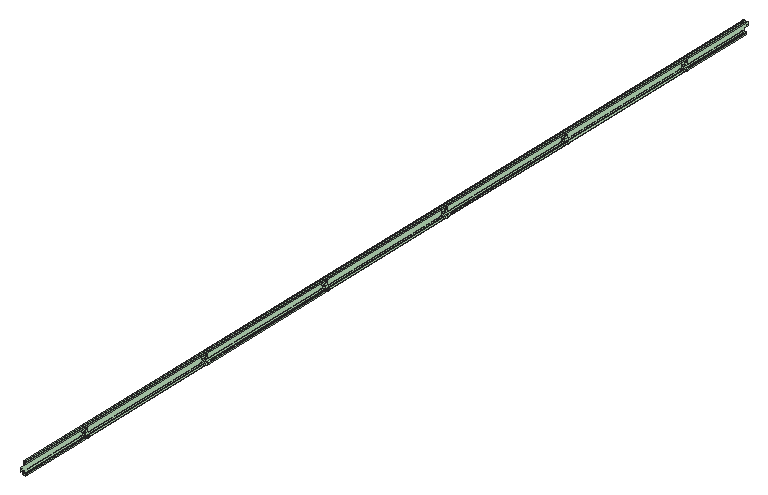
Revit family "ey4815_main_600", category 機械設備, Revit 2022
Family settings
  丸型コネクタ寸法 = 直径を使用
  種別 = なし
  パーツ タイプ = 標準
  作業面ベース = いいえ
  常に垂直 = はい
  ロード時にボイドで切り取り = いいえ
  注釈の向きを維持 = いいえ
  共有 = いいえ
  部屋計算ポイント = いいえ
Parameters
  製造元 = "株式会社桐井製作所"
  既定の高さ = 0 mm
  URL = "https://www.kirii.co.jp/"
  K_長さ(mm) = 3600 mm
  K_材質 = "溶融亜鉛めっき鋼板及び鋼帯SGCC 一般用　カラー鋼板"
  K_品名 = "eYバー4815メイン(600グリッド用)"
  K_名称 = "Yバー"
  K_入数 = "20"
  K_バージョン情報 = "20220411"
  K_めっき付着量 = "JIS G 3302 Z12、カラー鋼板　塗装膜厚20μ(白色)"
  K_JIS規格 = "JIS G 3302"
Reference planes
  plane 1 "中心(正面/背面)": y = 0
  plane 2: z = 0
  plane 3 "中心(左/右)": x = 0
  plane 4: y = 3600
Forms (mm)
  Extrusion 1, solid
    sketch origin (0, 0, 7.1) x (-1, 0, 0) y (0, 0, 1)
      loop
        arc (6.336, -7.1) -> (7.064, -6.785) -> (7.334, -6.038) r 1
        line (7.334, -6.038) -> (6.959, -0.038)
        arc (6.959, -0.038) -> (6.645, 0.629) -> (5.961, 0.9) r 1
        line (5.961, 0.9) -> (0.4, 0.9) -> (0.4, 31)
        arc (0.4, 31) -> (0.715, 31.465) -> (1.263, 31.343) r 0.5
        arc (1.263, 31.343) -> (1.627, 31.018) -> (2.1, 30.9) r 1.011
        arc (2.1, 30.9) -> (2.736, 31.164) -> (3, 31.8) r 0.9
        line (3, 31.8) -> (3, 39.9)
        arc (3, 39.9) -> (2.473, 40.781) -> (1.448, 40.734) r 1
        line (1.448, 40.734) -> (0, 39.782) -> (-1.448, 40.734)
        arc (-1.448, 40.734) -> (-2.473, 40.781) -> (-3, 39.9) r 1
        line (-3, 39.9) -> (-3, 31.8)
        arc (-3, 31.8) -> (-2.736, 31.164) -> (-2.1, 30.9) r 0.9
        arc (-2.1, 30.9) -> (-1.627, 31.018) -> (-1.263, 31.343) r 1.011
        arc (-1.263, 31.343) -> (-0.715, 31.465) -> (-0.4, 31) r 0.5
        line (-0.4, 31) -> (-0.4, 0.9) -> (-5.961, 0.9)
        arc (-5.961, 0.9) -> (-6.645, 0.629) -> (-6.959, -0.036) r 1
        line (-6.959, -0.036) -> (-7.334, -6.039)
        arc (-7.334, -6.039) -> (-7.064, -6.785) -> (-6.336, -7.1) r 1
        line (-6.336, -7.1) -> (-3.65, -7.1)
        arc (-3.65, -7.1) -> (-3.4, -6.85) -> (-3.65, -6.6) r 0.25
        line (-3.65, -6.6) -> (-6.336, -6.6)
        arc (-6.336, -6.6) -> (-6.7, -6.442) -> (-6.835, -6.069) r 0.5
        line (-6.835, -6.069) -> (-6.46, -0.069)
        arc (-6.46, -0.069) -> (-6.2, 0.339) -> (-5.718, 0.337) r 0.5
        arc (-5.718, 0.337) -> (-5.317, 0.087) -> (-4.852, 0) r 1.28
        line (-4.852, 0) -> (4.852, 0)
        arc (4.852, 0) -> (5.317, 0.087) -> (5.718, 0.337) r 1.28
        arc (5.718, 0.337) -> (6.2, 0.339) -> (6.46, -0.069) r 0.5
        line (6.46, -0.069) -> (6.835, -6.069)
        arc (6.835, -6.069) -> (6.7, -6.442) -> (6.336, -6.6) r 0.5
        line (6.336, -6.6) -> (3.65, -6.6)
        arc (3.65, -6.6) -> (3.4, -6.85) -> (3.65, -7.1) r 0.25
        line (3.65, -7.1) -> (6.336, -7.1)
      loop
        arc (-1.668, 40.4) -> (-2.283, 40.429) -> (-2.6, 39.9) r 0.6
        line (-2.6, 39.9) -> (-2.6, 31.8)
        arc (-2.6, 31.8) -> (-2.302, 31.342) -> (-1.763, 31.431) r 0.5
        line (-1.763, 31.431) -> (-1.063, 31.885)
        arc (-1.063, 31.885) -> (-0.324, 31.692) -> (0, 31) r 0.9
        arc (0, 31) -> (0.324, 31.692) -> (1.063, 31.885) r 0.9
        line (1.063, 31.885) -> (1.763, 31.431)
        arc (1.763, 31.431) -> (2.302, 31.342) -> (2.6, 31.8) r 0.5
        line (2.6, 31.8) -> (2.6, 39.9)
        arc (2.6, 39.9) -> (2.283, 40.429) -> (1.668, 40.4) r 0.6
        line (1.668, 40.4) -> (0.549, 39.664)
        arc (0.549, 39.664) -> (0, 39.5) -> (-0.549, 39.664) r 1
        line (-0.549, 39.664) -> (-1.668, 40.4)
    from 0 to 3600
  Extrusion 2, solid
    sketch origin (0.4, 0, 38.1) x (0, 0, -1) y (0, 1, 0)
      loop
        line (3.661, 0) -> (3.661, -19.4)
        arc (3.661, -19.4) -> (3.954, -20.107) -> (4.661, -20.4) r 1
        line (4.661, -20.4) -> (16.783, -20.4)
        arc (16.783, -20.4) -> (17.49, -20.107) -> (17.783, -19.4) r 1
        line (17.783, -19.4) -> (17.783, 0) -> (17.783, 21.201) -> (3.661, 21.201) -> (3.661, 0)
    from -0.8 to 0
  Extrusion 3, void
    sketch origin (0.4, 0, 38.1) x (0, 0, 1) y (0, 1, 0)
      loop
        line (-5.5, 284.4) -> (-5.5, 315.6) -> (-23.1, 315.6) -> (-23.1, 284.4) -> (-5.5, 284.4)
    from 0 to 0.8
  Extrusion 4, void
    sketch origin (0.4, 600, 38.1) x (0, 0, 1) y (0, 1, 0)
      loop
        line (-5.5, 284.4) -> (-5.5, 315.6) -> (-23.1, 315.6) -> (-23.1, 284.4) -> (-5.5, 284.4)
    from 0 to 0.8
  Extrusion 5, void
    sketch origin (0.4, 1200, 38.1) x (0, 0, 1) y (0, 1, 0)
      loop
        line (-5.5, 284.4) -> (-5.5, 315.6) -> (-23.1, 315.6) -> (-23.1, 284.4) -> (-5.5, 284.4)
    from 0 to 0.8
  Extrusion 6, void
    sketch origin (0.4, 1800, 38.1) x (0, 0, 1) y (0, 1, 0)
      loop
        line (-5.5, 284.4) -> (-5.5, 315.6) -> (-23.1, 315.6) -> (-23.1, 284.4) -> (-5.5, 284.4)
    from 0 to 0.8
  Extrusion 7, void
    sketch origin (0.4, 2400, 38.1) x (0, 0, 1) y (0, 1, 0)
      loop
        line (-5.5, 284.4) -> (-5.5, 315.6) -> (-23.1, 315.6) -> (-23.1, 284.4) -> (-5.5, 284.4)
    from 0 to 0.8
  Extrusion 8, void
    sketch origin (0.4, 3000, 38.1) x (0, 0, 1) y (0, 1, 0)
      loop
        line (-5.5, 284.4) -> (-5.5, 315.6) -> (-23.1, 315.6) -> (-23.1, 284.4) -> (-5.5, 284.4)
    from 0 to 0.8
  Extrusion 9, void
    sketch origin (0, 2.538, 0) x (1, 0, 0) y (0, 1, 0)
      loop
        line (8.021, 290.095) -> (8.021, 304.829) -> (3.318, 301.285) -> (3.318, 293.639) -> (8.021, 290.095)
    from 0 to 10
  Extrusion 10, void
    sketch origin (0, 2.538, 0) x (-1, 0, 0) y (0, -1, 0)
      loop
        line (8.021, -290.095) -> (3.318, -293.639) -> (3.318, -301.285) -> (8.021, -304.829) -> (8.021, -290.095)
    from 0 to 10
  Extrusion 11, void
    sketch origin (0, 1203.014, 0) x (1, 0, 0) y (0, 1, 0)
      loop
        line (8.021, 290.095) -> (8.021, 304.829) -> (3.318, 301.285) -> (3.318, 293.639) -> (8.021, 290.095)
    from 0 to 10
  Extrusion 12, void
    sketch origin (0, 2412.517, 0) x (-1, 0, 0) y (0, -1, 0)
      loop
        line (8.021, 1505.493) -> (8.021, 1520.226) -> (3.318, 1516.682) -> (3.318, 1509.037) -> (8.021, 1505.493)
    from 0 to 10
  Extrusion 13, void
    sketch origin (0, 3613.334, 0) x (-1, 0, 0) y (0, -1, 0)
      loop
        line (8.021, 1505.493) -> (8.021, 1520.226) -> (3.318, 1516.682) -> (3.318, 1509.037) -> (8.021, 1505.493)
    from 0 to 10
  Extrusion 14, void
    sketch origin (0, 4212.845, 0) x (-1, 0, 0) y (0, -1, 0)
      loop
        line (8.021, 1505.493) -> (8.021, 1520.226) -> (3.318, 1516.682) -> (3.318, 1509.037) -> (8.021, 1505.493)
    from 0 to 10
  Extrusion 15, void
    sketch origin (0, 4812.398, 0) x (-1, 0, 0) y (0, -1, 0)
      loop
        line (8.021, 1505.493) -> (8.021, 1520.226) -> (3.318, 1516.682) -> (3.318, 1509.037) -> (8.021, 1505.493)
    from 0 to 10
  Extrusion 16, void
    sketch origin (0, 602.195, 0) x (1, 0, 0) y (0, 1, 0)
      loop
        line (8.021, 290.095) -> (8.021, 304.829) -> (3.318, 301.285) -> (3.318, 293.639) -> (8.021, 290.095)
    from 0 to 10
  Extrusion 17, void
    sketch origin (0, 1803.012, 0) x (1, 0, 0) y (0, 1, 0)
      loop
        line (8.021, 290.095) -> (8.021, 304.829) -> (3.318, 301.285) -> (3.318, 293.639) -> (8.021, 290.095)
    from 0 to 10
  Extrusion 18, void
    sketch origin (0, 2402.523, 0) x (1, 0, 0) y (0, 1, 0)
      loop
        line (8.021, 290.095) -> (8.021, 304.829) -> (3.318, 301.285) -> (3.318, 293.639) -> (8.021, 290.095)
    from 0 to 10
  Extrusion 19, void
    sketch origin (0, 3002.077, 0) x (1, 0, 0) y (0, 1, 0)
      loop
        line (8.021, 290.095) -> (8.021, 304.829) -> (3.318, 301.285) -> (3.318, 293.639) -> (8.021, 290.095)
    from 0 to 10
  Extrusion 20, void
    sketch origin (0, 3013.335, 0) x (-1, 0, 0) y (0, -1, 0)
      loop
        line (8.021, 1505.493) -> (8.021, 1520.226) -> (3.318, 1516.682) -> (3.318, 1509.037) -> (8.021, 1505.493)
    from 0 to 10
  Extrusion 21, void
    sketch origin (0, 0, 0) x (0, 1, 0) y (0, 0, 1)
      loop
        line (-9.2, 28.314) -> (-16.4, 28.314) -> (-16.4, 23.514) -> (-9.2, 23.514) -> (-9.2, 28.314)
    from -0.4 to 0.4
  Extrusion 22, solid
    sketch origin (0.4, 3600, 38.1) x (0, 0, -1) y (0, 1, 0)
      loop
        line (3.661, 0) -> (3.661, -21.201) -> (17.783, -21.201) -> (17.783, 0) -> (17.783, 19.4)
        arc (17.783, 19.4) -> (17.49, 20.107) -> (16.783, 20.4) r 1
        line (16.783, 20.4) -> (4.661, 20.4)
        arc (4.661, 20.4) -> (3.954, 20.107) -> (3.661, 19.4) r 1
        line (3.661, 19.4) -> (3.661, 0)
    from -0.8 to 0
  Extrusion 23, void
    sketch origin (0, 3600, 0) x (0, -1, 0) y (0, 0, -1)
      loop
        line (-9.2, -28.314) -> (-9.2, -23.514) -> (-16.4, -23.514) -> (-16.4, -28.314) -> (-9.2, -28.314)
    from -0.4 to 0.4
  Extrusion 24, void
    sketch origin (0.4, 3018.192, 38.412) x (0, 0, 1) y (0, 1, 0)
      loop
        line (-19.9, 284.4) -> (-8.7, 284.4)
        arc (-8.7, 284.4) -> (-14.3, 287.9) -> (-19.9, 284.4) r 6.23
      loop
        line (-8.7, 297.4) -> (-19.9, 297.4)
        arc (-19.9, 297.4) -> (-14.3, 293.9) -> (-8.7, 297.4) r 6.23
    from 1.2 to 3.447
  Extrusion 25, solid
    sketch origin (0.081, 3018.2, -0.26) x (1, 0, 0) y (0, 0, 1)
      loop
        line (-0.387, 33.66) -> (-2.087, 33.66) -> (-2.087, 26.56)
        arc (-2.087, 26.56) -> (-3.087, 24.26) -> (-2.088, 21.96) r 3.145
        line (-2.088, 21.96) -> (-2.087, 14.46) -> (-0.387, 14.46) -> (-0.387, 15.26) -> (-1.487, 15.26) -> (-1.487, 22.238)
        arc (-1.487, 22.238) -> (-2.487, 24.267) -> (-1.476, 26.291) r 2.545
        line (-1.476, 26.291) -> (-1.476, 32.86) -> (-0.387, 32.86) -> (-0.387, 33.66)
    from -297.4 to -284.4
  Extrusion 26, void
    sketch origin (-0.4, 2999.992, 38.413) x (0, 0, 1) y (0, -1, 0)
      loop
        arc (-19.9, -284.4) -> (-14.3, -287.9) -> (-8.7, -284.4) r 6.23
        line (-8.7, -284.4) -> (-19.9, -284.4)
      loop
        arc (-8.7, -297.4) -> (-14.3, -293.9) -> (-19.9, -297.4) r 6.23
        line (-19.9, -297.4) -> (-8.7, -297.4)
    from 1.2 to 3.447
  Extrusion 27, solid
    sketch origin (-0.081, 3000, -0.26) x (-1, 0, 0) y (0, 0, -1)
      loop
        line (-0.387, -33.66) -> (-0.387, -32.86) -> (-1.476, -32.86) -> (-1.476, -26.291)
        arc (-1.476, -26.291) -> (-2.487, -24.267) -> (-1.487, -22.238) r 2.545
        line (-1.487, -22.238) -> (-1.487, -15.26) -> (-0.387, -15.26) -> (-0.387, -14.46) -> (-2.087, -14.46) -> (-2.088, -21.96)
        arc (-2.088, -21.96) -> (-3.087, -24.26) -> (-2.087, -26.56) r 3.145
        line (-2.087, -26.56) -> (-2.087, -33.66) -> (-0.387, -33.66)
    from -297.4 to -284.4
  Extrusion 28, void
    sketch origin (0.4, 2418.192, 38.412) x (0, 0, 1) y (0, 1, 0)
      loop
        line (-19.9, 284.4) -> (-8.7, 284.4)
        arc (-8.7, 284.4) -> (-14.3, 287.9) -> (-19.9, 284.4) r 6.23
      loop
        line (-8.7, 297.4) -> (-19.9, 297.4)
        arc (-19.9, 297.4) -> (-14.3, 293.9) -> (-8.7, 297.4) r 6.23
    from 1.2 to 3.447
  Extrusion 29, solid
    sketch origin (0.081, 2418.2, -0.26) x (1, 0, 0) y (0, 0, 1)
      loop
        line (-0.387, 33.66) -> (-2.087, 33.66) -> (-2.087, 26.56)
        arc (-2.087, 26.56) -> (-3.087, 24.26) -> (-2.088, 21.96) r 3.145
        line (-2.088, 21.96) -> (-2.087, 14.46) -> (-0.387, 14.46) -> (-0.387, 15.26) -> (-1.487, 15.26) -> (-1.487, 22.238)
        arc (-1.487, 22.238) -> (-2.487, 24.267) -> (-1.476, 26.291) r 2.545
        line (-1.476, 26.291) -> (-1.476, 32.86) -> (-0.387, 32.86) -> (-0.387, 33.66)
    from -297.4 to -284.4
  Extrusion 30, void
    sketch origin (-0.4, 2399.992, 38.413) x (0, 0, 1) y (0, -1, 0)
      loop
        arc (-19.9, -284.4) -> (-14.3, -287.9) -> (-8.7, -284.4) r 6.23
        line (-8.7, -284.4) -> (-19.9, -284.4)
      loop
        arc (-8.7, -297.4) -> (-14.3, -293.9) -> (-19.9, -297.4) r 6.23
        line (-19.9, -297.4) -> (-8.7, -297.4)
    from 1.2 to 3.447
  Extrusion 31, solid
    sketch origin (-0.081, 2400, -0.26) x (-1, 0, 0) y (0, 0, -1)
      loop
        line (-0.387, -33.66) -> (-0.387, -32.86) -> (-1.476, -32.86) -> (-1.476, -26.291)
        arc (-1.476, -26.291) -> (-2.487, -24.267) -> (-1.487, -22.238) r 2.545
        line (-1.487, -22.238) -> (-1.487, -15.26) -> (-0.387, -15.26) -> (-0.387, -14.46) -> (-2.087, -14.46) -> (-2.088, -21.96)
        arc (-2.088, -21.96) -> (-3.087, -24.26) -> (-2.087, -26.56) r 3.145
        line (-2.087, -26.56) -> (-2.087, -33.66) -> (-0.387, -33.66)
    from -297.4 to -284.4
  Extrusion 32, void
    sketch origin (0.4, 1818.192, 38.412) x (0, 0, 1) y (0, 1, 0)
      loop
        line (-19.9, 284.4) -> (-8.7, 284.4)
        arc (-8.7, 284.4) -> (-14.3, 287.9) -> (-19.9, 284.4) r 6.23
      loop
        line (-8.7, 297.4) -> (-19.9, 297.4)
        arc (-19.9, 297.4) -> (-14.3, 293.9) -> (-8.7, 297.4) r 6.23
    from 1.2 to 3.447
  Extrusion 33, solid
    sketch origin (0.081, 1818.2, -0.26) x (1, 0, 0) y (0, 0, 1)
      loop
        line (-0.387, 33.66) -> (-2.087, 33.66) -> (-2.087, 26.56)
        arc (-2.087, 26.56) -> (-3.087, 24.26) -> (-2.088, 21.96) r 3.145
        line (-2.088, 21.96) -> (-2.087, 14.46) -> (-0.387, 14.46) -> (-0.387, 15.26) -> (-1.487, 15.26) -> (-1.487, 22.238)
        arc (-1.487, 22.238) -> (-2.487, 24.267) -> (-1.476, 26.291) r 2.545
        line (-1.476, 26.291) -> (-1.476, 32.86) -> (-0.387, 32.86) -> (-0.387, 33.66)
    from -297.4 to -284.4
  Extrusion 34, void
    sketch origin (-0.4, 1799.992, 38.413) x (0, 0, 1) y (0, -1, 0)
      loop
        arc (-19.9, -284.4) -> (-14.3, -287.9) -> (-8.7, -284.4) r 6.23
        line (-8.7, -284.4) -> (-19.9, -284.4)
      loop
        arc (-8.7, -297.4) -> (-14.3, -293.9) -> (-19.9, -297.4) r 6.23
        line (-19.9, -297.4) -> (-8.7, -297.4)
    from 1.2 to 3.447
  Extrusion 35, solid
    sketch origin (-0.081, 1800, -0.26) x (-1, 0, 0) y (0, 0, -1)
      loop
        line (-0.387, -33.66) -> (-0.387, -32.86) -> (-1.476, -32.86) -> (-1.476, -26.291)
        arc (-1.476, -26.291) -> (-2.487, -24.267) -> (-1.487, -22.238) r 2.545
        line (-1.487, -22.238) -> (-1.487, -15.26) -> (-0.387, -15.26) -> (-0.387, -14.46) -> (-2.087, -14.46) -> (-2.088, -21.96)
        arc (-2.088, -21.96) -> (-3.087, -24.26) -> (-2.087, -26.56) r 3.145
        line (-2.087, -26.56) -> (-2.087, -33.66) -> (-0.387, -33.66)
    from -297.4 to -284.4
  Extrusion 36, void
    sketch origin (0.4, 1218.192, 38.412) x (0, 0, 1) y (0, 1, 0)
      loop
        line (-19.9, 284.4) -> (-8.7, 284.4)
        arc (-8.7, 284.4) -> (-14.3, 287.9) -> (-19.9, 284.4) r 6.23
      loop
        line (-8.7, 297.4) -> (-19.9, 297.4)
        arc (-19.9, 297.4) -> (-14.3, 293.9) -> (-8.7, 297.4) r 6.23
    from 1.2 to 3.447
  Extrusion 37, solid
    sketch origin (0.081, 1218.2, -0.26) x (1, 0, 0) y (0, 0, 1)
      loop
        line (-0.387, 33.66) -> (-2.087, 33.66) -> (-2.087, 26.56)
        arc (-2.087, 26.56) -> (-3.087, 24.26) -> (-2.088, 21.96) r 3.145
        line (-2.088, 21.96) -> (-2.087, 14.46) -> (-0.387, 14.46) -> (-0.387, 15.26) -> (-1.487, 15.26) -> (-1.487, 22.238)
        arc (-1.487, 22.238) -> (-2.487, 24.267) -> (-1.476, 26.291) r 2.545
        line (-1.476, 26.291) -> (-1.476, 32.86) -> (-0.387, 32.86) -> (-0.387, 33.66)
    from -297.4 to -284.4
  Extrusion 38, void
    sketch origin (-0.4, 1199.992, 38.413) x (0, 0, 1) y (0, -1, 0)
      loop
        arc (-19.9, -284.4) -> (-14.3, -287.9) -> (-8.7, -284.4) r 6.23
        line (-8.7, -284.4) -> (-19.9, -284.4)
      loop
        arc (-8.7, -297.4) -> (-14.3, -293.9) -> (-19.9, -297.4) r 6.23
        line (-19.9, -297.4) -> (-8.7, -297.4)
    from 1.2 to 3.447
  Extrusion 39, solid
    sketch origin (-0.081, 1200, -0.26) x (-1, 0, 0) y (0, 0, -1)
      loop
        line (-0.387, -33.66) -> (-0.387, -32.86) -> (-1.476, -32.86) -> (-1.476, -26.291)
        arc (-1.476, -26.291) -> (-2.487, -24.267) -> (-1.487, -22.238) r 2.545
        line (-1.487, -22.238) -> (-1.487, -15.26) -> (-0.387, -15.26) -> (-0.387, -14.46) -> (-2.087, -14.46) -> (-2.088, -21.96)
        arc (-2.088, -21.96) -> (-3.087, -24.26) -> (-2.087, -26.56) r 3.145
        line (-2.087, -26.56) -> (-2.087, -33.66) -> (-0.387, -33.66)
    from -297.4 to -284.4
  Extrusion 40, void
    sketch origin (0.4, 618.192, 38.412) x (0, 0, 1) y (0, 1, 0)
      loop
        line (-19.9, 284.4) -> (-8.7, 284.4)
        arc (-8.7, 284.4) -> (-14.3, 287.9) -> (-19.9, 284.4) r 6.23
      loop
        line (-8.7, 297.4) -> (-19.9, 297.4)
        arc (-19.9, 297.4) -> (-14.3, 293.9) -> (-8.7, 297.4) r 6.23
    from 1.2 to 3.447
  Extrusion 41, solid
    sketch origin (0.081, 618.2, -0.26) x (1, 0, 0) y (0, 0, 1)
      loop
        line (-0.387, 33.66) -> (-2.087, 33.66) -> (-2.087, 26.56)
        arc (-2.087, 26.56) -> (-3.087, 24.26) -> (-2.088, 21.96) r 3.145
        line (-2.088, 21.96) -> (-2.087, 14.46) -> (-0.387, 14.46) -> (-0.387, 15.26) -> (-1.487, 15.26) -> (-1.487, 22.238)
        arc (-1.487, 22.238) -> (-2.487, 24.267) -> (-1.476, 26.291) r 2.545
        line (-1.476, 26.291) -> (-1.476, 32.86) -> (-0.387, 32.86) -> (-0.387, 33.66)
    from -297.4 to -284.4
  Extrusion 42, void
    sketch origin (-0.4, 599.992, 38.413) x (0, 0, 1) y (0, -1, 0)
      loop
        arc (-19.9, -284.4) -> (-14.3, -287.9) -> (-8.7, -284.4) r 6.23
        line (-8.7, -284.4) -> (-19.9, -284.4)
      loop
        arc (-8.7, -297.4) -> (-14.3, -293.9) -> (-19.9, -297.4) r 6.23
        line (-19.9, -297.4) -> (-8.7, -297.4)
    from 1.2 to 3.447
  Extrusion 43, solid
    sketch origin (-0.081, 600, -0.26) x (-1, 0, 0) y (0, 0, -1)
      loop
        line (-0.387, -33.66) -> (-0.387, -32.86) -> (-1.476, -32.86) -> (-1.476, -26.291)
        arc (-1.476, -26.291) -> (-2.487, -24.267) -> (-1.487, -22.238) r 2.545
        line (-1.487, -22.238) -> (-1.487, -15.26) -> (-0.387, -15.26) -> (-0.387, -14.46) -> (-2.087, -14.46) -> (-2.088, -21.96)
        arc (-2.088, -21.96) -> (-3.087, -24.26) -> (-2.087, -26.56) r 3.145
        line (-2.087, -26.56) -> (-2.087, -33.66) -> (-0.387, -33.66)
    from -297.4 to -284.4
  Extrusion 44, void
    sketch origin (0.4, 18.192, 38.412) x (0, 0, 1) y (0, 1, 0)
      loop
        line (-19.9, 284.4) -> (-8.7, 284.4)
        arc (-8.7, 284.4) -> (-14.3, 287.9) -> (-19.9, 284.4) r 6.23
      loop
        line (-8.7, 297.4) -> (-19.9, 297.4)
        arc (-19.9, 297.4) -> (-14.3, 293.9) -> (-8.7, 297.4) r 6.23
    from 1.2 to 3.447
  Extrusion 45, solid
    sketch origin (0.081, 18.2, -0.26) x (1, 0, 0) y (0, 0, 1)
      loop
        line (-0.387, 33.66) -> (-2.087, 33.66) -> (-2.087, 26.56)
        arc (-2.087, 26.56) -> (-3.087, 24.26) -> (-2.088, 21.96) r 3.145
        line (-2.088, 21.96) -> (-2.087, 14.46) -> (-0.387, 14.46) -> (-0.387, 15.26) -> (-1.487, 15.26) -> (-1.487, 22.238)
        arc (-1.487, 22.238) -> (-2.487, 24.267) -> (-1.476, 26.291) r 2.545
        line (-1.476, 26.291) -> (-1.476, 32.86) -> (-0.387, 32.86) -> (-0.387, 33.66)
    from -297.4 to -284.4
  Extrusion 46, void
    sketch origin (-0.4, -0.008, 38.413) x (0, 0, 1) y (0, -1, 0)
      loop
        arc (-19.9, -284.4) -> (-14.3, -287.9) -> (-8.7, -284.4) r 6.23
        line (-8.7, -284.4) -> (-19.9, -284.4)
      loop
        arc (-8.7, -297.4) -> (-14.3, -293.9) -> (-19.9, -297.4) r 6.23
        line (-19.9, -297.4) -> (-8.7, -297.4)
    from 1.2 to 3.447
  Extrusion 47, solid
    sketch origin (-0.081, 0, -0.26) x (-1, 0, 0) y (0, 0, -1)
      loop
        line (-0.387, -33.66) -> (-0.387, -32.86) -> (-1.476, -32.86) -> (-1.476, -26.291)
        arc (-1.476, -26.291) -> (-2.487, -24.267) -> (-1.487, -22.238) r 2.545
        line (-1.487, -22.238) -> (-1.487, -15.26) -> (-0.387, -15.26) -> (-0.387, -14.46) -> (-2.087, -14.46) -> (-2.088, -21.96)
        arc (-2.088, -21.96) -> (-3.087, -24.26) -> (-2.087, -26.56) r 3.145
        line (-2.087, -26.56) -> (-2.087, -33.66) -> (-0.387, -33.66)
    from -297.4 to -284.4
Cuts and joins
  Extrusion 3, Extrusion 4, Extrusion 5, Extrusion 6, Extrusion 7, Extrusion 8, Extrusion 9, Extrusion 10, Extrusion 11, Extrusion 12, Extrusion 13, Extrusion 14, Extrusion 15, Extrusion 16, Extrusion 17, Extrusion 18, Extrusion 19, Extrusion 20, Extrusion 21, Extrusion 23 cuts Extrusion 1
  Extrusion 3, Extrusion 4, Extrusion 5, Extrusion 6, Extrusion 7, Extrusion 8, Extrusion 9, Extrusion 10, Extrusion 12, Extrusion 13, Extrusion 14, Extrusion 15, Extrusion 17, Extrusion 19, Extrusion 21, Extrusion 23 cuts Extrusion 2
  Extrusion 23 cuts Extrusion 22
  Extrusion 24 cuts Extrusion 25
  Extrusion 26 cuts Extrusion 27
  Extrusion 28 cuts Extrusion 29
  Extrusion 30 cuts Extrusion 31
  Extrusion 32 cuts Extrusion 33
  Extrusion 34 cuts Extrusion 35
  Extrusion 36 cuts Extrusion 37
  Extrusion 38 cuts Extrusion 39
  Extrusion 40 cuts Extrusion 41
  Extrusion 42 cuts Extrusion 43
  Extrusion 44 cuts Extrusion 45
  Extrusion 46 cuts Extrusion 47
  joined: Extrusion 1, Extrusion 2, Extrusion 22, Extrusion 25, Extrusion 27, Extrusion 29, Extrusion 31, Extrusion 33, Extrusion 35, Extrusion 37, Extrusion 39, Extrusion 41, Extrusion 43, Extrusion 45, Extrusion 47
Dimensions and locks
  plane 4 to plane 1 "中心(正面/背面)" = 3600 mm
  aligned and locked: level to plane 2
  aligned and locked: plane 4 to Extrusion 1
